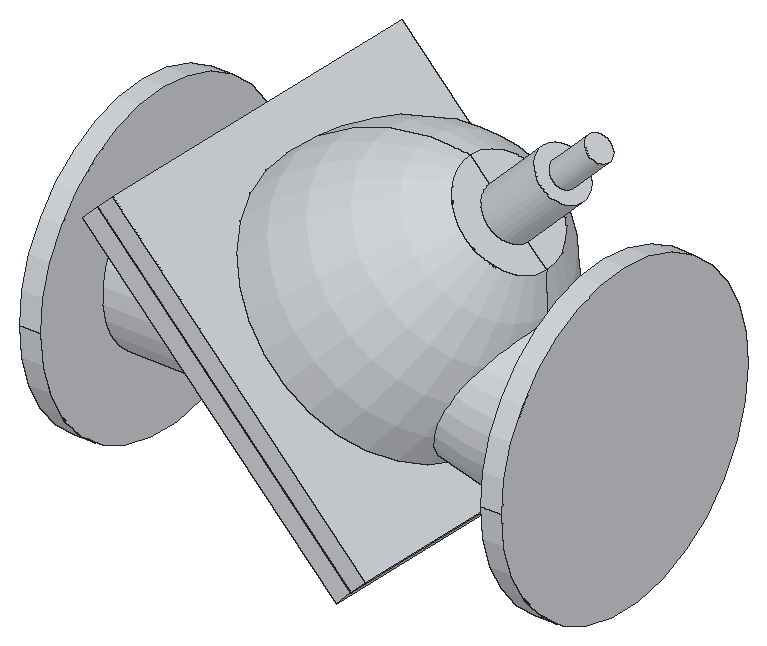
Revit family "M_Válvula de múltiplo propósito - Reta - 80-300 mm - Flange", category Acessórios do tubo, Revit 2019
Family settings
  Cota do conector redondo = Usar raio
  Tipo de parte = Válvula - Quebra entre
  Número OmniClass = 23.65.55.14
  Título OmniClass = Valves for Liquid Services
  ID de item do Seek = Multi-Purpose Valve - Straight - 80-300 mm - Flanged-0000-CAN-ENU
  Com base no plano de trabalho = Não
  Sempre na vertical = Sim
  Corte com vazios quando carregada = Não
  Compartilhado = Não
Parameters (values of type "80 mm")
  Largura 1 = 1.3 * Raio 3  # 111.93 mm
  Material da válvula = none
  Comprimento da válvula = 299 mm
  Raio 7 = 126 mm
  Raio 6 = 0.5 * Raio 5  # 8.4 mm
  Raio 5 = 0.5 * Raio 2  # 16.8 mm
  Raio 4 = 51 mm
  Raio 3 = 0.6 * (Raio externo + Raio da flange)  # 86.1 mm
  Raio 2 = 0.7 * Raio externo  # 33.6 mm
  Raio 1 = 84 mm
  Raio externo = Diâmetro nominal * 0.6  # 48 mm
  Altura aberta = 156 mm
  Raio nominal = 40 mm
  Diâmetro nominal = Raio nominal * 2  # 80 mm
  Comprimento 6 = 64 mm
  Comprimento 5 = 38 mm
  Comprimento 4 = 0.4 * (((Altura aberta - Raio 1 + sqrt(Raio 1 * Raio 1 - Comprimento 1 * Comprimento 1)) * Raio 1) / Comprimento 1 - Comprimento 2)  # 31.374 mm
  Comprimento 3 = 0.6 * (((Altura aberta - Raio 1 + sqrt(Raio 1 * Raio 1 - Comprimento 1 * Comprimento 1)) * Raio 1) / Comprimento 1 - Comprimento 2)  # 47.061 mm
  Comprimento 2 = 0.7 * Altura aberta  # 109.2 mm
  Comprimento 1 = 59 mm
  K Coefficient = 1.65
  Espessura do flange = 13 mm
  Raio da flange = Diâmetro da flange / 2  # 95.5 mm
  Diâmetro da flange = 191 mm
  Ângulo = asin(Comprimento 1 / Raio 1)  # 44.6183°
Types (8, lengths in mm): name | Largura 1 | Comprimento da válvula | Raio 7 | Raio 6 | Raio 5 | Raio 4 | Raio 3 | Raio 2 | Raio 1 | Raio externo | Altura aberta | Raio nominal | Diâmetro nominal | Comprimento 6 | Comprimento 5 | Comprimento 4 | Comprimento 3 | Comprimento 2 | Comprimento 1 | K Coefficient | Espessura do flange | Raio da flange | Diâmetro da flange | Ângulo
  (no name) | 111.93 | 299 | 126 | 8.4 | 16.8 | 51 | 86.1 | 33.6 | 84 | 48 | 156 | 40 | 80 | 64 | 38 | 31.374 | 47.061 | 109.2 | 59 | 1.65 | 13 | 95.5 | 191 | 44.6183°
  80 mm | 111.93 | 299 | 126 | 8.4 | 16.8 | 51 | 86.1 | 33.6 | 84 | 48 | 156 | 40 | 80 | 64 | 38 | 31.374 | 47.061 | 109.2 | 59 | 1.65 | 13 | 95.5 | 191 | 44.6183°
  100 mm | 136.11 | 349 | 102 | 10.5 | 21 | 51 | 104.7 | 42 | 67 | 60 | 216 | 50 | 100 | 76 | 76 | 40.651 | 60.977 | 151.2 | 51 | 1.7 | 19 | 114.5 | 229 | 49.5696°
  125 mm | 157.56 | 448 | 126 | 13.125 | 26.25 | 76 | 121.2 | 52.5 | 121 | 75 | 286 | 62.5 | 125 | 76 | 51 | 48.072 | 72.107 | 200.2 | 92 | 5.47 | 25 | 127 | 254 | 49.4933°
  150 mm | 179.01 | 517 | 152 | 15.75 | 31.5 | 102 | 137.7 | 63 | 222 | 90 | 287 | 75 | 150 | 89 | 51 | 52.14 | 78.21 | 200.9 | 152 | 7.42 | 32 | 139.5 | 279 | 43.2108°
  200 mm | 227.37 | 657 | 152 | 21 | 42 | 102 | 174.9 | 84 | 127 | 120 | 345 | 100 | 200 | 76 | 102 | 79.544 | 119.315 | 241.5 | 89 | 6.18 | 32 | 171.5 | 343 | 44.4902°
  250 mm | 275.34 | 762 | 203 | 26.25 | 52.5 | 127 | 211.8 | 105 | 178 | 150 | 402 | 125 | 250 | 127 | 127 | 82.943 | 124.414 | 281.4 | 127 | 5.53 | 38 | 203 | 406 | 45.519°
  300 mm | 328.77 | 932 | 203 | 31.5 | 63 | 76 | 252.9 | 126 | 187 | 180 | 446 | 150 | 300 | 127 | 152 | 108.507 | 162.761 | 312.2 | 127 | 5.79 | 38 | 241.5 | 483 | 42.7768°
Reference planes
  plane 1 "Centro (Frente/Trás)": y = 0
  plane 2: z = 0
  plane 3 "Centro (Esquerda/Direita)": x = 0
  plane 4: x = -149.5
  plane 5: x = 149.5
  plane 6: x = -136.5
  plane 7: x = 136.5
  plane 8: z = 84
  plane 9: z = 126
  plane 10: x = -59
  plane 11: x = 111.5
  plane 12: x = 47.5
Forms (mm)
  Sweep 1, solid, material <- "Material da válvula", detail levels fine
    path in 3D
      loop
        line (-136.5, 0, 0) -> (-59, 0, 0)
        arc (-59, 0, 0) -> (-27.113, 0, 6.287) -> (0, 0, 24.209) r 84
    profile origin (-97.75, 0, 0) x (0, 0, 1) y (0, -1, 0)
      loop
        circle (0, 0) r 48
  Sweep 2, solid, material <- "Material da válvula", detail levels fine
    path in 3D
      loop
        line (136.5, 0, 0) -> (111.5, 0, 0)
        arc (111.5, 0, 0) -> (78.33, 0, 4.444) -> (47.5, 0, 17.464) r 126
    profile origin (78.33, 0, 4.444) x (-0.263254, 0, -0.964727) y (0, -1, 0)
      loop
        circle (0, 0) r 48
  Extrusion 3, solid, material <- "Material da válvula", detail levels fine
    sketch origin (0, 0, 0) x (0, 1, 0) y (0, 0, 1)
      loop
        circle (0, 0) r 95.5
    from 136.5 to 149.5
  Extrusion 4, solid, material <- "Material da válvula", detail levels fine
    sketch origin (0, 0, 0) x (0, 1, 0) y (0, 0, 1)
      loop
        circle (0, 0) r 95.5
    from -149.5 to -136.5
  Sweep 5, solid, material <- "Material da válvula", detail levels fine
    path in 3D
      loop
        line (-9.253, 0, 15.078) -> (-18.507, 0, 5.947)
    profile origin (-13.88, 0, 10.512) x (0.702381, 0, -0.711801) y (0, -1, 0)
      loop
        line (-111.93, -111.93) -> (111.93, -111.93) -> (111.93, 111.93) -> (-111.93, 111.93) -> (-111.93, -111.93)
  Sweep 6, solid, material <- "Material da válvula", detail levels fine
    path in 3D
      loop
        line (0, 0, 24.209) -> (-9.253, 0, 15.078)
    profile origin (-4.627, 0, 19.643) x (0.702381, 0, -0.711801) y (0, -1, 0)
      loop
        line (-111.93, 111.93) -> (-111.93, -111.93) -> (111.93, -111.93) -> (111.93, 111.93) -> (-111.93, 111.93)
  Sweep 7, solid, material <- "Material da válvula", detail levels fine
    path in 3D
      loop
        line (111.227, 0, 133.963) -> (133.559, 0, 156)
    profile origin (122.393, 0, 144.982) x (-0.702381, 0, 0.711801) y (0, -1, 0)
      loop
        circle (0, 0) r 8.4
  Sweep 8, solid, material <- "Material da válvula", detail levels fine
    path in 3D
      loop
        line (77.729, 0, 100.909) -> (111.227, 0, 133.963)
    profile origin (94.478, 0, 117.436) x (-0.702381, 0, 0.711801) y (0, -1, 0)
      loop
        circle (0, 0) r 16.8
  Revolve 9, solid, material <- "Material da válvula", detail levels fine
    sketch origin (0, 0, 0) x (1, 0, 0) y (0, 0, 1)
      loop
        line (0, 24.209) -> (60.475, -37.077)
        arc (60.475, -37.077) -> (94.186, 15.2) -> (101.329, 76.992) r 137.106
        line (101.329, 76.992) -> (77.729, 100.909) -> (0, 24.209)
      axis (0, 24.209) -> (77.729, 100.909)
    angle from 0 to 360
Cuts and joins
  joined: Sweep 2, Extrusion 3, Sweep 6
  joined: Sweep 1, Extrusion 4, Sweep 5
Lines and regions (mm)
  reference lines
    curve 1: line (-136.5, 0, 0) -> (-59, 0, 0)
    curve 2: arc (-59, 0, 0) -> (-27.113, 0, 6.287) -> (0, 0, 24.209) r 84
    curve 3: line (136.5, 0, 0) -> (111.5, 0, 0)
    curve 4: arc (111.5, 0, 0) -> (78.33, 0, 4.444) -> (47.5, 0, 17.464) r 126
    curve 9: line (0, 0, 24.209) -> (-9.253, 0, 15.078)
    curve 10: line (-9.253, 0, 15.078) -> (-18.507, 0, 5.947)
    curve 13: line (0, 0, 24.209) -> (77.729, 0, 100.909)
    curve 14: line (77.729, 0, 100.909) -> (111.227, 0, 133.963)
    curve 15: line (111.227, 0, 133.963) -> (133.559, 0, 156)
  sketch lines
    curve 5: line (-136.5, 0, 0) -> (-59, 0, 0)
    curve 6: arc (-59, 0, 0) -> (-27.113, 0, 6.287) -> (0, 0, 24.209) r 84
    curve 7: arc (111.5, 0, 0) -> (78.33, 0, 4.444) -> (47.5, 0, 17.464) r 126
    curve 8: line (136.5, 0, 0) -> (111.5, 0, 0)
    curve 11: line (-9.253, 0, 15.078) -> (-18.507, 0, 5.947)
    curve 12: line (0, 0, 24.209) -> (-9.253, 0, 15.078)
    curve 16: line (111.227, 0, 133.963) -> (133.559, 0, 156)
    curve 17: line (77.729, 0, 100.909) -> (111.227, 0, 133.963)
  model lines, detail levels coarse+medium
    curve 18: line (0, 0, 0) -> (149.5, 86.314, 0)
    curve 19: line (149.5, 86.314, 0) -> (149.5, -86.314, 0)
    curve 20: line (0, 0, 0) -> (149.5, -86.314, 0)
    curve 21: line (0, 0, 0) -> (-149.5, 86.314, 0)
    curve 22: line (-149.5, 86.314, 0) -> (-149.5, -86.314, 0)
    curve 23: line (0, 0, 0) -> (-149.5, -86.314, 0)
    curve 24: line (-74.75, 43.157, 0) -> (-74.75, 199.157, 0)
    curve 25: line (74.75, 43.157, 0) -> (74.75, 199.157, 0)
Dimensions and locks
  equal spacing: plane 5, plane 3 "Centro (Esquerda/Direita)", plane 4
  "Comprimento da válvula": plane 5 to plane 4
  "Espessura do flange": plane 6 to plane 4
  "Espessura do flange": plane 7 to plane 5
  "Raio 1": plane 8 to plane 2
  "Raio 7": plane 9 to plane 2
  "Comprimento 1": plane 3 "Centro (Esquerda/Direita)" to plane 10
  "Comprimento 5": plane 11 to plane 5
  "Comprimento 6": plane 12 to plane 11
  "Espessura do flange": curve 9 to curve 9
  "Espessura do flange": curve 10 to curve 10
  "Largura 1": Sweep 5 sketch curve to profile plane  (x2)
  "Largura 1": profile plane to Sweep 5 sketch curve  (x2)
  "Largura 1": Sweep 6 sketch curve to profile plane  (x3)
  "Largura 1": profile plane to Sweep 6 sketch curve
  "Comprimento 2": curve 13 to curve 13
  "Comprimento 3": curve 14 to curve 14
  "Comprimento 4": curve 15 to curve 15
  "Raio 3": Revolve 9 sketch curve to Revolve 9 sketch curve
  "Raio 2": Revolve 9 sketch curve to Revolve 9 sketch curve
  "Raio 4": Revolve 9 sketch curve to Revolve 9 sketch curve
  equal spacing: plane 4, curve 24, plane 3 "Centro (Esquerda/Direita)"
  "Altura aberta": curve 24 to curve 24
  "Altura aberta": curve 25 to curve 25
  equal spacing: plane 3 "Centro (Esquerda/Direita)", curve 25, plane 5
  "Raio externo": radius of Sweep 1 sketch curve
  "Raio externo": radius of Sweep 2 sketch curve
  "Raio da flange": radius of Extrusion 3 sketch curve
  "Raio da flange": radius of Extrusion 4 sketch curve
  "Raio 6": radius of Sweep 7 sketch curve
  "Raio 5": radius of Sweep 8 sketch curve
  "Ângulo": angle plane 2 to curve 9
  "Ângulo": angle plane 2 to curve 13
  "Ângulo": angle plane 2 to curve 14
  "Ângulo": angle plane 2 to curve 15
  "Ângulo": angle plane 2 to curve 10
  locked: plane 1 "Centro (Frente/Trás)" to curve 18 (angle 30.00°)
  locked: curve 20 to plane 1 "Centro (Frente/Trás)" (angle 30.00°)
  locked: curve 21 to plane 1 "Centro (Frente/Trás)" (angle 30.00°)
  locked: plane 1 "Centro (Frente/Trás)" to curve 23 (angle 30.00°)
  aligned and locked: plane 6 to curve 1
  aligned and locked: curve 1 to level
  aligned and locked: plane 8 to curve 2
  aligned and locked: plane 10 to curve 2
  aligned and locked: plane 3 "Centro (Esquerda/Direita)" to curve 2
  aligned and locked: plane 7 to curve 3
  aligned and locked: plane 11 to curve 3
  aligned and locked: level to curve 3
  aligned and locked: plane 9 to curve 4
  aligned and locked: plane 11 to curve 4
  aligned and locked: plane 12 to curve 4
  aligned and locked: plane 1 "Centro (Frente/Trás)" to Extrusion 3 sketch curve
  aligned and locked: plane 2 to Extrusion 3 sketch curve
  aligned and locked: plane 1 "Centro (Frente/Trás)" to Extrusion 4 sketch curve
  aligned and locked: plane 2 to Extrusion 4 sketch curve
  aligned and locked: Extrusion 4 to plane 4
  aligned and locked: Extrusion 3 to plane 5
  aligned and locked: plane 6 to Extrusion 4
  aligned and locked: plane 7 to Extrusion 3
  aligned and locked: Sweep 6 to Revolve 9 sketch curve  (x2)
  aligned and locked: Sweep 8 to Revolve 9 sketch curve  (x2)
  aligned and locked: Revolve 9 sketch curve to curve 13  (x2)
  aligned and locked: plane 3 "Centro (Esquerda/Direita)" to curve 13
  aligned and locked: plane 1 "Centro (Frente/Trás)" to curve 20
  aligned and locked: plane 5 to curve 19
  aligned and locked: curve 22 to plane 4
Automatic sketch dimensions
  Sweep 1 sketch curve to profile plane = 0 mm  (x2)
  Sweep 2 sketch curve to profile plane = 0 mm  (x2)
  Sweep 7 sketch curve to profile plane = 0 mm  (x2)
  Sweep 8 sketch curve to profile plane = 0 mm  (x2)
  curve 23 to plane 3 "Centro (Esquerda/Direita)" = 0 mm
Connectors
  piping at (-149.5, 0, 0), diameter 80, driven by "Raio nominal"
    settings: on cut or joined group of Sweep 1, Extrusion 4, Sweep 5, index 1, connector inside diameter 80 mm, connector length 0 mm, flow factor 0, pipe flow 0.0 L/s, pressure drop 0.0 Pa, fitting loss kfactor 0, connector angle 0.00°, fixture units 0, engagement length 0 mm, angle of deflection 0.00°, flow configuration 0, flow direction 0, fitting loss method 2, system type 29, joint type 0, gender type 0, connector reference index 2, connector utility 0, adjustable connector no, is connector primary yes, connector description ""
  piping at (149.5, 0, 0), diameter 80, driven by "K Coefficient", driven by "Raio nominal"
    settings: on cut or joined group of Sweep 2, Extrusion 3, Sweep 6, index 2, connector inside diameter 80 mm, connector length 0 mm, flow factor 0, pipe flow 0.0 L/s, pressure drop 0.0 Pa, fitting loss kfactor 1.65, connector angle 0.00°, fixture units 0, engagement length 0 mm, angle of deflection 0.00°, flow configuration 0, flow direction 0, fitting loss method 2, system type 29, joint type 0, gender type 0, connector reference index 1, connector utility 0, adjustable connector no, is connector primary no, connector description ""
